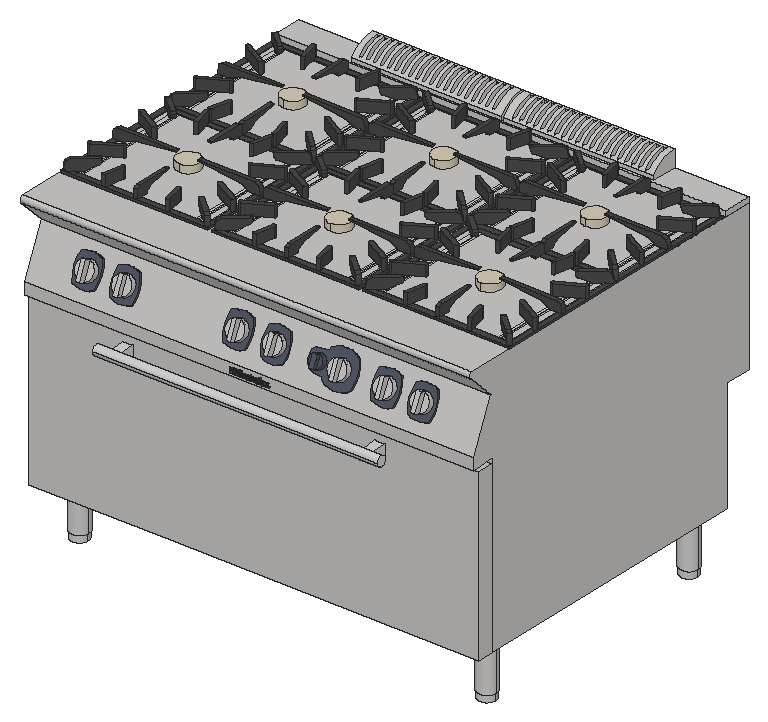
Revit family "QF_ELECTROLUXPROFESSIONAL_391016_E9GCGL6CLM", category Specialty Equipment, Revit 2018
Family settings
  Round Connector Dimension = Use Diameter
  Part Type = Normal
  Work Plane-Based = No
  Always vertical = Yes
  Cut with Voids When Loaded = No
  Shared = No
  Room Calculation Point = No
Parameters
  Width = 1200 mm
  Weight in Pounds = 200  # constant formula
  Watts = 0 W
  URL Cutsheet = "www.electrolux.com"
  URL = "www.electrolux.com"
  Type Mark [instance] = ""
  Status [instance] = ""
  Specification by User [instance] = ""
  Specification by Manufacturer = ""
  Show Logo [instance] = yes
  Show Clearance [instance] = yes
  Serial Number = ""
  Seismic Rating = ""
  SMACNA No = ""
  Revision Code [instance] = ""
  Omniclass Number and Title = ""
  NAFEM Spec ID Number = ""
  Model = "391016"
  Mechanical Remarks [instance] = ""
  Mechanical Connection Type [instance] = ""
  Masterspec = ""
  Manufacturer = "ELECTROLUX"
  Item Number [instance] = ""
  Installed By [instance] = ""
  Identify Quantity as Lot [instance] = yes
  Height = 909 mm
  HP = "0 HP"
  Gas Size = 12.7 mm  # 1/2"
  Gas RI Height [instance] = 0 mm
  Gas KW [instance] = 72  # constant formula
  Gas Input [instance] = 245448.0 Btu/h
  Gas Connection Height = 0 mm
  Furnished By [instance] = ""
  Foodservice Equipment Identifier [instance] = yes
  Direct Waste Size = 0"
  Description = "900XP 6 GAS BURNERS 10kW ON LARGE GAS OVEN"
  Depth = 930 mm
  CSI MasterFormat = ""
  CSI Master Format = ""
  Assembly Code = ""
Reference planes
  plane 1 "BACK": y = 0
  plane 2: z = 0
  plane 3 "LEFT": x = 0
  plane 4 "RIGHT": x = 1200
  plane 5 "FRONT": y = -700
  plane 6 "TOP": z = 909
  plane 7 "Center Y": x = 600
  plane 8 "Center X": y = -350
  plane 9 "Base": z = 150
  plane 10: z = 850.9
  plane 11: y = -930
  plane 12: y = -1109
  plane 13: y = -128
  plane 14: y = -802
  plane 15: y = -1310
  plane 16: y = -666
  plane 17: x = 56
  plane 18: x = 1144
Forms (mm)
  Extrusion 1, solid, material "QF_Finishes_Stainless Steel"
    sketch origin (0, 0, 0) x (0, 1, 0) y (0, 0, 1)
      loop
        line (0, 450) -> (0, 850.9) -> (-921.37, 850.9)
        arc (-921.37, 850.9) -> (-929.343, 845.573) -> (-927.472, 836.168) r 8.63
        line (-927.472, 836.168) -> (-858.266, 766.833) -> (-915.833, 641.476) -> (-915.833, 610.179) -> (-855.839, 614.875)
        arc (-855.839, 614.875) -> (-853.314, 614.127) -> (-852.222, 611.731) r 3.175
        line (-852.222, 611.731) -> (-852.222, 150) -> (-71, 150) -> (-71, 450) -> (0, 450)
    from 0 to 1200
  Extrusion 2, solid, material "QF_Finishes_Stainless Steel"
    sketch origin (0, -852.222, 611.731) x (0, 0, -1) y (1, 0, 0)
      loop
        line (461.731, 363.774) -> (461.731, 1200) -> (9.61, 1200) -> (9.61, 378.321) -> (9.61, 0) -> (461.731, 0) -> (461.731, 363.774)
    from 3.175 to 47.778
  Extrusion 3, solid, material "QF_Finishes_Stainless Steel"
    sketch origin (0, 0, 0) x (0, -1, 0) y (0, 0, 1)
      loop
        line (0, 850.9) -> (76.2, 850.9) -> (76.2, 865.188) -> (0, 865.188) -> (0, 850.9)
    from 0 to -1200
  Extrusion 4, solid, material "QF_Finishes_Stainless Steel"
    sketch origin (0, -852.222, 150) x (1, 0, 0) y (0, -1, 0)
      loop
        circle (1148, -186.222) r 6.4
    from 0 to 21
  Extrusion 5, solid, material "QF_Door-Drawer Clearances", visible <- "Show Clearance", detail levels coarse
    sketch origin (0, -200, 0) x (0, 1, 0) y (0, 0, 1)
      loop
        line (-1110, 150) -> (-700, 150) -> (-700, 602.41)
        arc (-700, 602.41) -> (-992.25, 455.276) -> (-1110, 150) r 454.603
    from 0 to 1200
  Extrusion 6, solid, material "QF_Clearances", visible <- "Show Clearance", detail levels coarse
    sketch origin (0, -200, 0) x (1, 0, 0) y (0, 1, 0)
      loop
        line (-100, -730) -> (0, -730) -> (0, 200) -> (1200, 200) -> (1200, -730) -> (1300, -730) -> (1300, 300) -> (-100, 300) -> (-100, -730)
    from 0 to 908.85
  Extrusion 7, solid, material "QF_Finishes_Handrails and Railings"
    sketch origin (200, -200, 0) x (0, 1, 0) y (0, 0, 1)
      loop
        line (-700, 580.001) -> (-738.549, 577.296)
        arc (-738.549, 577.296) -> (-739.742, 563.489) -> (-752.852, 558.993) r 12.7
        arc (-752.852, 558.993) -> (-752.311, 558.176) -> (-751.712, 557.401) r 13.441
        arc (-751.712, 557.401) -> (-749.907, 555.955) -> (-747.68, 555.335) r 5.77
        line (-747.68, 555.335) -> (-700, 551.992) -> (-700, 580.001)
    from 50.8 to 76.2
  Extrusion 8, solid, material "QF_Finishes_Handrails and Railings"
    sketch origin (1000, -200, 0) x (0, 1, 0) y (0, 0, -1)
      loop
        line (-700, -580.001) -> (-700, -551.992) -> (-747.68, -555.335)
        arc (-747.68, -555.335) -> (-749.907, -555.955) -> (-751.712, -557.401) r 5.77
        arc (-751.712, -557.401) -> (-752.311, -558.176) -> (-752.852, -558.993) r 13.441
        arc (-752.852, -558.993) -> (-739.742, -563.489) -> (-738.549, -577.296) r 12.7
        line (-738.549, -577.296) -> (-700, -580.001)
    from 50.8 to 76.2
  Extrusion 9, solid, material "QF_Finishes_Handrails and Railings"
    sketch origin (200, -200, 0) x (0, 1, 0) y (0, 0, 1)
      loop
        circle (-749.749, 571.309) r 12.7
    from 19.875 to 780.125
  Extrusion 10, solid, material "QF_Finishes_Navy Blue"
    sketch origin (405.244, -913.772, 646.186) x (0, 0.418102, 0.9084) y (-1, 0, 0)
      loop
        arc (102.623, -510.47) -> (67.041, -502.846) -> (31.333, -509.853) r 90.5
        arc (31.333, -509.853) -> (24.507, -539.04) -> (31.333, -568.228) r 65.817
        arc (31.333, -568.228) -> (67.04, -575.188) -> (102.623, -567.615) r 91.066
        arc (102.623, -567.615) -> (109.179, -539.043) -> (102.623, -510.47) r 65.546
    from 0 to 3.175
  Extrusion 11, solid, material "QF_Finishes_Stainless Steel"
    sketch origin (783.994, -917.485, 645.711) x (0, 0.418102, 0.9084) y (-1, 0, 0)
      loop
        circle (68.826, -160.963) r 25.4
    from 0 to 12.7
  Extrusion 12, solid, material "QF_Finishes_Stainless Steel"
    sketch origin (783.994, -929.022, 651.021) x (0, 0.418102, 0.9084) y (-1, 0, 0)
      loop
        arc (93.558, -166.749) -> (94.226, -160.963) -> (93.558, -155.177) r 25.4
        line (93.558, -155.177) -> (44.094, -155.177)
        arc (44.094, -155.177) -> (43.426, -160.963) -> (44.094, -166.749) r 25.4
        line (44.094, -166.749) -> (93.558, -166.749)
    from 0 to 12.7
  Extrusion 13, solid, material "QF_Finishes_Navy Blue"
    sketch origin (282.787, -913.772, 646.186) x (0, 0.418102, 0.9084) y (-1, 0, 0)
      loop
        arc (104.355, -502.587) -> (101.326, -501.258) -> (98.25, -500.039) r 91.066
        arc (98.25, -500.039) -> (96.592, -482.449) -> (93.213, -465.107) r 179.528
        arc (93.213, -465.107) -> (69.244, -452.795) -> (45.274, -465.107) r 29.489
        arc (45.274, -465.107) -> (38.909, -481.441) -> (37.449, -498.912) r 61.044
        arc (37.449, -498.912) -> (34.471, -499.962) -> (31.532, -501.116) r 91.066
        arc (31.532, -501.116) -> (19.517, -540.223) -> (32.929, -578.873) r 65.817
        arc (32.929, -578.873) -> (68.105, -585.173) -> (102.996, -577.452) r 91.066
        arc (102.996, -577.452) -> (115.418, -540.233) -> (104.355, -502.587) r 65.546
    from 0 to 3.175
  Extrusion 14, solid, material "QF_Finishes_Stainless Steel"
    sketch origin (661.537, -917.485, 645.711) x (0, 0.418102, 0.9084) y (-1, 0, 0)
      loop
        circle (68.826, -160.963) r 25.4
    from 0 to 12.7
  Extrusion 15, solid, material "QF_Finishes_Stainless Steel"
    sketch origin (661.537, -929.022, 651.021) x (0, 0.418102, 0.9084) y (-1, 0, 0)
      loop
        arc (93.558, -166.749) -> (94.226, -160.963) -> (93.558, -155.177) r 25.4
        line (93.558, -155.177) -> (44.094, -155.177)
        arc (44.094, -155.177) -> (43.426, -160.963) -> (44.094, -166.749) r 25.4
        line (44.094, -166.749) -> (93.558, -166.749)
    from 0 to 12.7
  Extrusion 16, solid, material "QF_Finishes_Navy Blue"
    sketch origin (604.037, -917.485, 645.711) x (0, 0.418102, 0.9084) y (-1, 0, 0)
      loop
        circle (68.826, -160.963) r 18.37
    from 0 to 12.7
  Extrusion 17, solid, material "QF_Finishes_Navy Blue"
    sketch origin (602.746, -929.022, 651.021) x (0, 0.418102, 0.9084) y (-1, 0, 0)
      loop
        arc (84.808, -167.687) -> (85.476, -161.901) -> (84.808, -156.114) r 25.4
        line (84.808, -156.114) -> (52.844, -156.114)
        arc (52.844, -156.114) -> (52.176, -161.901) -> (52.844, -167.687) r 25.4
        line (52.844, -167.687) -> (84.808, -167.687)
    from 0 to 8.112
  Extrusion 18, solid, material "QF_Finishes_Navy Blue"
    sketch origin (-392.256, -913.772, 646.186) x (0, 0.418102, 0.9084) y (-1, 0, 0)
      loop
        arc (102.623, -510.47) -> (67.041, -502.846) -> (31.333, -509.853) r 90.5
        arc (31.333, -509.853) -> (24.507, -539.04) -> (31.333, -568.228) r 65.817
        arc (31.333, -568.228) -> (67.04, -575.188) -> (102.623, -567.615) r 91.066
        arc (102.623, -567.615) -> (109.179, -539.043) -> (102.623, -510.47) r 65.546
    from 0 to 3.175
  Extrusion 19, solid, material "QF_Finishes_Stainless Steel"
    sketch origin (-13.506, -917.485, 645.711) x (0, 0.418102, 0.9084) y (-1, 0, 0)
      loop
        circle (68.826, -160.963) r 25.4
    from 0 to 12.7
  Extrusion 20, solid, material "QF_Finishes_Stainless Steel"
    sketch origin (-13.506, -929.022, 651.021) x (0, 0.418102, 0.9084) y (-1, 0, 0)
      loop
        arc (93.558, -166.749) -> (94.226, -160.963) -> (93.558, -155.177) r 25.4
        line (93.558, -155.177) -> (44.094, -155.177)
        arc (44.094, -155.177) -> (43.426, -160.963) -> (44.094, -166.749) r 25.4
        line (44.094, -166.749) -> (93.558, -166.749)
    from 0 to 12.7
  Extrusion 21, solid, material "QF_Finishes_Navy Blue"
    sketch origin (-292.256, -913.772, 646.186) x (0, 0.418102, 0.9084) y (-1, 0, 0)
      loop
        arc (102.623, -510.47) -> (67.041, -502.846) -> (31.333, -509.853) r 90.5
        arc (31.333, -509.853) -> (24.507, -539.04) -> (31.333, -568.228) r 65.817
        arc (31.333, -568.228) -> (67.04, -575.188) -> (102.623, -567.615) r 91.066
        arc (102.623, -567.615) -> (109.179, -539.043) -> (102.623, -510.47) r 65.546
    from 0 to 3.175
  Extrusion 22, solid, material "QF_Finishes_Stainless Steel"
    sketch origin (86.494, -917.485, 645.711) x (0, 0.418102, 0.9084) y (-1, 0, 0)
      loop
        circle (68.826, -160.963) r 25.4
    from 0 to 12.7
  Extrusion 23, solid, material "QF_Finishes_Stainless Steel"
    sketch origin (86.494, -929.022, 651.021) x (0, 0.418102, 0.9084) y (-1, 0, 0)
      loop
        arc (93.558, -166.749) -> (94.226, -160.963) -> (93.558, -155.177) r 25.4
        line (93.558, -155.177) -> (44.094, -155.177)
        arc (44.094, -155.177) -> (43.426, -160.963) -> (44.094, -166.749) r 25.4
        line (44.094, -166.749) -> (93.558, -166.749)
    from 0 to 12.7
  Extrusion 24, solid, material "QF_Finishes_Stainless Steel"
    sketch origin (202.4, -200, 590.5) x (0, 1, 0) y (0, 0, 1)
      loop
        line (200, 274.688) -> (200, 318.5)
        arc (200, 318.5) -> (160.905, 309.851) -> (130.15, 284.212) r 84.706
        line (130.15, 284.212) -> (130.15, 274.688) -> (200, 274.688)
    from 400 to 800
  Extrusion 25, solid, material "QF_Finishes_Navy Blue"
    sketch origin (502.744, -913.772, 646.186) x (0, 0.418102, 0.9084) y (-1, 0, 0)
      loop
        arc (102.623, -510.47) -> (67.041, -502.846) -> (31.333, -509.853) r 90.5
        arc (31.333, -509.853) -> (24.507, -539.04) -> (31.333, -568.228) r 65.817
        arc (31.333, -568.228) -> (67.04, -575.188) -> (102.623, -567.615) r 91.066
        arc (102.623, -567.615) -> (109.179, -539.043) -> (102.623, -510.47) r 65.546
    from 0 to 3.175
  Extrusion 26, solid, material "QF_Finishes_Stainless Steel"
    sketch origin (881.494, -917.485, 645.711) x (0, 0.418102, 0.9084) y (-1, 0, 0)
      loop
        circle (68.826, -160.963) r 25.4
    from 0 to 12.7
  Extrusion 27, solid, material "QF_Finishes_Stainless Steel"
    sketch origin (881.494, -929.022, 651.021) x (0, 0.418102, 0.9084) y (-1, 0, 0)
      loop
        arc (93.558, -166.749) -> (94.226, -160.963) -> (93.558, -155.177) r 25.4
        line (93.558, -155.177) -> (44.094, -155.177)
        arc (44.094, -155.177) -> (43.426, -160.963) -> (44.094, -166.749) r 25.4
        line (44.094, -166.749) -> (93.558, -166.749)
    from 0 to 12.7
  Extrusion 28, solid, material "QF_Finishes_Navy Blue"
    sketch origin (10.244, -913.772, 646.186) x (0, 0.418102, 0.9084) y (-1, 0, 0)
      loop
        arc (102.623, -510.47) -> (67.041, -502.846) -> (31.333, -509.853) r 90.5
        arc (31.333, -509.853) -> (24.507, -539.04) -> (31.333, -568.228) r 65.817
        arc (31.333, -568.228) -> (67.04, -575.188) -> (102.623, -567.615) r 91.066
        arc (102.623, -567.615) -> (109.179, -539.043) -> (102.623, -510.47) r 65.546
    from 0 to 3.175
  Extrusion 29, solid, material "QF_Finishes_Stainless Steel"
    sketch origin (388.994, -917.485, 645.711) x (0, 0.418102, 0.9084) y (-1, 0, 0)
      loop
        circle (68.826, -160.963) r 25.4
    from 0 to 12.7
  Extrusion 30, solid, material "QF_Finishes_Stainless Steel"
    sketch origin (388.994, -929.022, 651.021) x (0, 0.418102, 0.9084) y (-1, 0, 0)
      loop
        arc (93.558, -166.749) -> (94.226, -160.963) -> (93.558, -155.177) r 25.4
        line (93.558, -155.177) -> (44.094, -155.177)
        arc (44.094, -155.177) -> (43.426, -160.963) -> (44.094, -166.749) r 25.4
        line (44.094, -166.749) -> (93.558, -166.749)
    from 0 to 12.7
  Extrusion 31, solid, material "QF_Finishes_Navy Blue"
    sketch origin (110.244, -913.772, 646.186) x (0, 0.418102, 0.9084) y (-1, 0, 0)
      loop
        arc (102.623, -510.47) -> (67.041, -502.846) -> (31.333, -509.853) r 90.5
        arc (31.333, -509.853) -> (24.507, -539.04) -> (31.333, -568.228) r 65.817
        arc (31.333, -568.228) -> (67.04, -575.188) -> (102.623, -567.615) r 91.066
        arc (102.623, -567.615) -> (109.179, -539.043) -> (102.623, -510.47) r 65.546
    from 0 to 3.175
  Extrusion 32, solid, material "QF_Finishes_Stainless Steel"
    sketch origin (488.994, -917.485, 645.711) x (0, 0.418102, 0.9084) y (-1, 0, 0)
      loop
        circle (68.826, -160.963) r 25.4
    from 0 to 12.7
  Extrusion 33, solid, material "QF_Finishes_Stainless Steel"
    sketch origin (488.994, -929.022, 651.021) x (0, 0.418102, 0.9084) y (-1, 0, 0)
      loop
        arc (93.558, -166.749) -> (94.226, -160.963) -> (93.558, -155.177) r 25.4
        line (93.558, -155.177) -> (44.094, -155.177)
        arc (44.094, -155.177) -> (43.426, -160.963) -> (44.094, -166.749) r 25.4
        line (44.094, -166.749) -> (93.558, -166.749)
    from 0 to 12.7
  Extrusion 34, solid, material "QF_Finishes_Navy Blue", visible <- "Show Logo"
    sketch origin (261.109, -915.962, 610.773) x (0, 0, 1) y (-1, 0, 0)
      loop
        line (20.674, -296.698) -> (8.307, -296.698)
        arc (8.307, -296.698) -> (14.491, -301.27) -> (20.674, -296.698) r 6.467
      loop
        arc (20.674, -296.069) -> (19.505, -290.926) -> (14.849, -288.448) r 6.338
        line (14.849, -288.448) -> (14.849, -290.494)
        arc (14.849, -290.494) -> (16.333, -294.149) -> (19.778, -296.069) r 5.941
        line (19.778, -296.069) -> (20.674, -296.069)
      loop
        arc (9.203, -296.069) -> (12.648, -294.149) -> (14.132, -290.494) r 5.941
        line (14.132, -290.494) -> (14.132, -288.448)
        arc (14.132, -288.448) -> (9.438, -290.922) -> (8.148, -296.069) r 6.504
        line (8.148, -296.069) -> (9.203, -296.069)
      loop
        line (21.349, -287.979) -> (7.604, -287.979) -> (7.604, -301.742) -> (21.349, -301.742) -> (21.349, -287.979)
      loop
        arc (21.432, -304.71) -> (21.085, -304.352) -> (20.718, -304.69) r 0.358
        arc (20.718, -304.69) -> (20.404, -305.44) -> (19.687, -305.825) r 1.216
        line (19.687, -305.825) -> (9.274, -305.825)
        arc (9.274, -305.825) -> (8.614, -305.548) -> (8.218, -304.951) r 1.238
        arc (8.218, -304.951) -> (7.823, -304.7) -> (7.518, -305.054) r 0.358
        line (7.518, -305.054) -> (7.518, -314.933) -> (10.269, -314.933) -> (10.269, -314.036)
        arc (10.269, -314.036) -> (9.36, -313.456) -> (8.904, -312.479) r 1.928
        line (8.904, -312.479) -> (8.904, -309.98)
        arc (8.904, -309.98) -> (9.18, -309.251) -> (9.868, -308.887) r 1.101
        line (9.868, -308.887) -> (13.955, -308.887) -> (13.955, -312.561)
        arc (13.955, -312.561) -> (13.602, -313.058) -> (13.037, -313.286) r 1.083
        arc (13.037, -313.286) -> (12.773, -313.591) -> (13.065, -313.869) r 0.292
        line (13.065, -313.869) -> (16.028, -313.869)
        arc (16.028, -313.869) -> (16.33, -313.596) -> (16.092, -313.266) r 0.305
        arc (16.092, -313.266) -> (15.601, -313.018) -> (15.296, -312.561) r 1.083
        line (15.296, -312.561) -> (15.296, -308.887) -> (19.973, -308.887) -> (19.973, -312.635)
        arc (19.973, -312.635) -> (19.759, -313.39) -> (19.153, -313.888) r 1.314
        arc (19.153, -313.888) -> (18.934, -314.292) -> (19.288, -314.585) r 0.361
        line (19.288, -314.585) -> (21.432, -314.585) -> (21.432, -304.71)
      loop
        arc (20.715, -315.365) -> (20.335, -316.284) -> (19.416, -316.664) r 1.299
        line (19.416, -316.664) -> (9.837, -316.664)
        arc (9.837, -316.664) -> (8.999, -316.286) -> (8.728, -315.408) r 1.118
        line (8.728, -315.408) -> (7.518, -315.408) -> (7.518, -320.758) -> (8.706, -320.758)
        arc (8.706, -320.758) -> (8.978, -319.841) -> (9.848, -319.445) r 1.153
        line (9.848, -319.445) -> (21.92, -319.445) -> (20.715, -315.365)
      loop
        line (12.483, -323.394) -> (12.483, -329.842) -> (13.282, -329.842)
        arc (13.282, -329.842) -> (15.862, -328.857) -> (17.131, -326.404) r 3.874
        line (17.131, -326.404) -> (17.131, -324.643)
        arc (17.131, -324.643) -> (15.944, -321.778) -> (13.08, -320.592) r 4.051
        line (13.08, -320.592) -> (11.072, -320.592)
        arc (11.072, -320.592) -> (8.253, -322.077) -> (7.202, -325.084) r 4.352
        arc (7.202, -325.084) -> (7.566, -327.547) -> (8.943, -329.621) r 5.713
        line (8.943, -329.621) -> (9.892, -329.621)
        arc (9.892, -329.621) -> (9.16, -328.052) -> (8.943, -326.334) r 5.579
        arc (8.943, -326.334) -> (9.737, -324.371) -> (11.616, -323.394) r 3.057
        line (11.616, -323.394) -> (12.483, -323.394)
      loop
        line (13.742, -323.394) -> (13.742, -326.977)
        arc (13.742, -326.977) -> (15.199, -327.024) -> (16.082, -325.864) r 1.59
        line (16.082, -325.864) -> (16.082, -325.034)
        arc (16.082, -325.034) -> (15.217, -323.779) -> (13.742, -323.394) r 2.184
      loop
        arc (16.533, -339.259) -> (17.022, -337.585) -> (17.179, -335.848) r 9.023
        line (17.179, -335.848) -> (17.179, -334.486)
        arc (17.179, -334.486) -> (16.02, -331.686) -> (13.22, -330.527) r 3.959
        line (13.22, -330.527) -> (10.62, -330.527)
        arc (10.62, -330.527) -> (8.338, -331.819) -> (7.221, -334.192) r 4.331
        line (7.221, -334.192) -> (7.221, -336.327)
        arc (7.221, -336.327) -> (7.729, -337.877) -> (8.651, -339.223) r 5.772
        arc (8.651, -339.223) -> (9.412, -339.274) -> (9.499, -338.515) r 0.553
        arc (9.499, -338.515) -> (9.111, -337.781) -> (8.977, -336.962) r 2.573
        line (8.977, -336.962) -> (8.977, -335.447)
        arc (8.977, -335.447) -> (9.983, -333.806) -> (11.798, -333.163) r 2.884
        line (11.798, -333.163) -> (13.077, -333.163)
        arc (13.077, -333.163) -> (14.898, -333.723) -> (15.824, -335.388) r 2.554
        line (15.824, -335.388) -> (15.824, -336.441)
        arc (15.824, -336.441) -> (15.493, -337.369) -> (14.836, -338.104) r 2.564
        arc (14.836, -338.104) -> (14.614, -338.821) -> (15.223, -339.259) r 0.643
        line (15.223, -339.259) -> (16.533, -339.259)
      loop
        line (15.515, -339.53) -> (15.515, -341.031) -> (9.467, -341.031)
        arc (9.467, -341.031) -> (7.879, -341.688) -> (7.221, -343.276) r 2.246
        line (7.221, -343.276) -> (7.221, -344.86)
        arc (7.221, -344.86) -> (7.535, -345.725) -> (8.035, -346.496) r 4.06
        arc (8.035, -346.496) -> (8.768, -346.629) -> (9.019, -345.928) r 0.576
        arc (9.019, -345.928) -> (8.913, -345.403) -> (8.977, -344.87) r 1.69
        arc (8.977, -344.87) -> (9.519, -344.082) -> (10.425, -343.779) r 1.506
        line (10.425, -343.779) -> (15.563, -343.779) -> (15.563, -346.176) -> (16.119, -346.733) -> (16.941, -346.733) -> (16.941, -343.873) -> (20.172, -343.873) -> (15.515, -339.53)
      loop
        line (7.438, -347.63) -> (7.438, -353.017) -> (8.548, -353.017)
        arc (8.548, -353.017) -> (8.942, -352.066) -> (9.893, -351.672) r 1.345
        line (9.893, -351.672) -> (13.509, -351.672)
        arc (13.509, -351.672) -> (14.274, -352.264) -> (14.564, -353.186) r 1.615
        line (14.564, -353.186) -> (14.564, -354.742) -> (17.119, -355.427) -> (17.119, -354.044) -> (15.177, -351.485) -> (17.057, -351.485) -> (16.773, -348.779)
        arc (16.773, -348.779) -> (16.333, -348.249) -> (15.674, -348.45) r 0.621
        arc (15.674, -348.45) -> (15.274, -348.792) -> (14.78, -348.975) r 1.501
        line (14.78, -348.975) -> (9.893, -348.975)
        arc (9.893, -348.975) -> (8.942, -348.581) -> (8.548, -347.63) r 1.345
        line (8.548, -347.63) -> (7.438, -347.63)
      loop
        line (13.54, -354.964) -> (10.848, -354.964)
        arc (10.848, -354.964) -> (8.403, -356.272) -> (7.269, -358.803) r 4.288
        arc (7.269, -358.803) -> (7.205, -360.183) -> (7.269, -361.563) r 15.022
        arc (7.269, -361.563) -> (8.403, -364.094) -> (10.848, -365.401) r 4.288
        line (10.848, -365.401) -> (13.54, -365.401)
        arc (13.54, -365.401) -> (15.986, -364.094) -> (17.119, -361.563) r 4.288
        arc (17.119, -361.563) -> (17.183, -360.183) -> (17.119, -358.803) r 15.022
        arc (17.119, -358.803) -> (15.986, -356.272) -> (13.54, -354.964) r 4.288
      loop
        line (13.745, -358.078) -> (10.643, -358.078)
        arc (10.643, -358.078) -> (8.486, -360.235) -> (10.643, -362.392) r 2.157
        line (10.643, -362.392) -> (13.745, -362.392)
        arc (13.745, -362.392) -> (15.902, -360.235) -> (13.745, -358.078) r 2.157
      loop
        arc (20.726, -365.26) -> (20.355, -366.154) -> (19.461, -366.524) r 1.264
        line (19.461, -366.524) -> (9.597, -366.524)
        arc (9.597, -366.524) -> (8.727, -366.127) -> (8.455, -365.211) r 1.153
        line (8.455, -365.211) -> (7.518, -365.211) -> (7.518, -370.319) -> (8.446, -370.319)
        arc (8.446, -370.319) -> (8.805, -369.547) -> (9.597, -369.232) r 1.153
        line (9.597, -369.232) -> (21.92, -369.232) -> (20.726, -365.26)
      loop
        arc (15.846, -369.857) -> (15.647, -370.921) -> (14.678, -371.403) r 1.215
        line (14.678, -371.403) -> (9.658, -371.403)
        arc (9.658, -371.403) -> (8.043, -372.051) -> (7.322, -373.634) r 2.338
        line (7.322, -373.634) -> (7.322, -375.148)
        arc (7.322, -375.148) -> (7.497, -376.152) -> (7.999, -377.038) r 2.979
        line (7.999, -377.038) -> (7.518, -378.835) -> (7.518, -380.524) -> (16.943, -380.524) -> (16.649, -376.32) -> (15.863, -376.32)
        arc (15.863, -376.32) -> (15.507, -377.156) -> (14.755, -377.665) r 1.605
        line (14.755, -377.665) -> (9.652, -377.665)
        arc (9.652, -377.665) -> (9.232, -376.728) -> (9.159, -375.704) r 2.94
        arc (9.159, -375.704) -> (9.72, -374.603) -> (10.873, -374.16) r 1.724
        line (10.873, -374.16) -> (17.07, -374.16) -> (15.846, -369.857)
      loop
        line (16.874, -381.377) -> (15.202, -383.423) -> (12.028, -385.729) -> (8.572, -382.617)
        arc (8.572, -382.617) -> (8.335, -382.223) -> (8.357, -381.764) r 0.789
        line (8.357, -381.764) -> (7.518, -381.764) -> (7.518, -385.309) -> (8.344, -385.309)
        arc (8.344, -385.309) -> (8.686, -384.947) -> (9.176, -385.039) r 0.52
        line (9.176, -385.039) -> (10.976, -386.51) -> (8.858, -387.886)
        arc (8.858, -387.886) -> (8.457, -387.576) -> (8.37, -387.076) r 0.7
        line (8.37, -387.076) -> (7.518, -387.076) -> (7.518, -393.003) -> (8.405, -393.003)
        arc (8.405, -393.003) -> (8.472, -392.344) -> (8.866, -391.813) r 1.247
        line (8.866, -391.813) -> (13.066, -388.532) -> (15.513, -390.585) -> (16.874, -392.327) -> (16.874, -388.604) -> (15.389, -389.026) -> (13.868, -387.749) -> (15.568, -386.559) -> (16.874, -387.336) -> (16.874, -381.377)
    from 0 to 1.644
  Revolve 35, solid, material "QF_Finishes_Stainless Steel"
    sketch origin (799, -128, 0) x (-1, 0, 0) y (0, 0, -1)
      loop
        line (-345, 0) -> (-367.9, 0) -> (-367.9, -19.05) -> (-370.4, -19.05) -> (-370.4, -150) -> (-345, -150) -> (-345, 0)
      axis (-345, 0) -> (-345, -150)
    angle from 0 to 360
  Revolve 36, solid, material "QF_Finishes_Stainless Steel"
    sketch origin (799, -802, 0) x (-1, 0, 0) y (0, 0, -1)
      loop
        line (-345, 0) -> (-367.9, 0) -> (-367.9, -19.05) -> (-370.4, -19.05) -> (-370.4, -150) -> (-345, -150) -> (-345, 0)
      axis (-345, 0) -> (-345, -150)
    angle from 0 to 360
  Extrusion 37, solid, material "QF_Finishes_Stainless Steel"
    sketch origin (0, -852.222, 150) x (1, 0, 0) y (0, -1, 0)
      loop
        circle (1157, -276.222) r 12.7
    from 0 to 5
  Extrusion 38, void
    sketch origin (-62.611, 0, 865.138) x (-1, 0, 0) y (0, -1, 0)
      loop
        line (-695.005, 6.761) -> (-685.709, 6.761) -> (-685.709, 63.911) -> (-695.005, 63.911) -> (-695.005, 6.761)
      loop
        line (-713.697, 6.761) -> (-704.401, 6.761) -> (-704.401, 63.911) -> (-713.697, 63.911) -> (-713.697, 6.761)
      loop
        line (-732.39, 6.761) -> (-723.094, 6.761) -> (-723.094, 63.911) -> (-732.39, 63.911) -> (-732.39, 6.761)
      loop
        line (-751.082, 6.761) -> (-741.787, 6.761) -> (-741.787, 63.911) -> (-751.082, 63.911) -> (-751.082, 6.761)
      loop
        line (-769.775, 6.761) -> (-760.479, 6.761) -> (-760.479, 63.911) -> (-769.775, 63.911) -> (-769.775, 6.761)
      loop
        line (-788.468, 6.761) -> (-779.172, 6.761) -> (-779.172, 63.911) -> (-788.468, 63.911) -> (-788.468, 6.761)
      loop
        line (-807.16, 6.761) -> (-797.864, 6.761) -> (-797.864, 63.911) -> (-807.16, 63.911) -> (-807.16, 6.761)
      loop
        line (-825.853, 6.761) -> (-816.557, 6.761) -> (-816.557, 63.911) -> (-825.853, 63.911) -> (-825.853, 6.761)
      loop
        line (-844.545, 6.761) -> (-835.25, 6.761) -> (-835.25, 63.911) -> (-844.545, 63.911) -> (-844.545, 6.761)
      loop
        line (-863.238, 6.761) -> (-853.942, 6.761) -> (-853.942, 63.911) -> (-863.238, 63.911) -> (-863.238, 6.761)
      loop
        line (-881.931, 6.761) -> (-872.635, 6.761) -> (-872.635, 63.911) -> (-881.931, 63.911) -> (-881.931, 6.761)
      loop
        line (-900.623, 6.761) -> (-891.328, 6.761) -> (-891.328, 63.911) -> (-900.623, 63.911) -> (-900.623, 6.761)
      loop
        line (-919.316, 6.761) -> (-910.02, 6.761) -> (-910.02, 63.911) -> (-919.316, 63.911) -> (-919.316, 6.761)
      loop
        line (-938.008, 6.761) -> (-928.713, 6.761) -> (-928.713, 63.911) -> (-938.008, 63.911) -> (-938.008, 6.761)
      loop
        line (-956.701, 6.761) -> (-947.405, 6.761) -> (-947.405, 63.911) -> (-956.701, 63.911) -> (-956.701, 6.761)
      loop
        line (-975.394, 6.761) -> (-966.098, 6.761) -> (-966.098, 63.911) -> (-975.394, 63.911) -> (-975.394, 6.761)
      loop
        line (-994.086, 6.761) -> (-984.791, 6.761) -> (-984.791, 63.911) -> (-994.086, 63.911) -> (-994.086, 6.761)
      loop
        line (-1012.779, 6.761) -> (-1003.483, 6.761) -> (-1003.483, 63.911) -> (-1012.779, 63.911) -> (-1012.779, 6.761)
      loop
        line (-1031.472, 6.761) -> (-1022.176, 6.761) -> (-1022.176, 63.911) -> (-1031.472, 63.911) -> (-1031.472, 6.761)
      loop
        line (-1050.164, 6.761) -> (-1040.868, 6.761) -> (-1040.868, 63.911) -> (-1050.164, 63.911) -> (-1050.164, 6.761)
    from 9.525 to 45.348
  Revolve 39, solid, material "QF_Finishes_Stainless Steel"
    sketch origin (1, -128, 0) x (1, 0, 0) y (0, 0, 1)
      loop
        line (55, 0) -> (55, 150) -> (29.6, 150) -> (29.6, 19.05) -> (32.1, 19.05) -> (32.1, 0) -> (55, 0)
      axis (55, 0) -> (55, 150)
    angle from 0 to 360
  Revolve 40, solid, material "QF_Finishes_Stainless Steel"
    sketch origin (1, -802, 0) x (1, 0, 0) y (0, 0, 1)
      loop
        line (55, 0) -> (55, 150) -> (29.6, 150) -> (29.6, 19.05) -> (32.1, 19.05) -> (32.1, 0) -> (55, 0)
      axis (55, 0) -> (55, 150)
    angle from 0 to 360
  Extrusion 41, solid, material "QF_Finishes_Stainless Steel"
    sketch origin (997.6, -200, 590.5) x (0, 1, 0) y (0, 0, -1)
      loop
        line (200, -274.688) -> (130.15, -274.688) -> (130.15, -284.212)
        arc (130.15, -284.212) -> (160.905, -309.851) -> (200, -318.5) r 84.706
        line (200, -318.5) -> (200, -274.688)
    from 400 to 800
  Extrusion 42, void
    sketch origin (1262.611, 0, 865.138) x (1, 0, 0) y (0, 1, 0)
      loop
        line (-695.005, -6.761) -> (-695.005, -63.911) -> (-685.709, -63.911) -> (-685.709, -6.761) -> (-695.005, -6.761)
      loop
        line (-713.697, -6.761) -> (-713.697, -63.911) -> (-704.401, -63.911) -> (-704.401, -6.761) -> (-713.697, -6.761)
      loop
        line (-732.39, -6.761) -> (-732.39, -63.911) -> (-723.094, -63.911) -> (-723.094, -6.761) -> (-732.39, -6.761)
      loop
        line (-751.082, -6.761) -> (-751.082, -63.911) -> (-741.787, -63.911) -> (-741.787, -6.761) -> (-751.082, -6.761)
      loop
        line (-769.775, -6.761) -> (-769.775, -63.911) -> (-760.479, -63.911) -> (-760.479, -6.761) -> (-769.775, -6.761)
      loop
        line (-788.468, -6.761) -> (-788.468, -63.911) -> (-779.172, -63.911) -> (-779.172, -6.761) -> (-788.468, -6.761)
      loop
        line (-807.16, -6.761) -> (-807.16, -63.911) -> (-797.864, -63.911) -> (-797.864, -6.761) -> (-807.16, -6.761)
      loop
        line (-825.853, -6.761) -> (-825.853, -63.911) -> (-816.557, -63.911) -> (-816.557, -6.761) -> (-825.853, -6.761)
      loop
        line (-844.545, -6.761) -> (-844.545, -63.911) -> (-835.25, -63.911) -> (-835.25, -6.761) -> (-844.545, -6.761)
      loop
        line (-863.238, -6.761) -> (-863.238, -63.911) -> (-853.942, -63.911) -> (-853.942, -6.761) -> (-863.238, -6.761)
      loop
        line (-881.931, -6.761) -> (-881.931, -63.911) -> (-872.635, -63.911) -> (-872.635, -6.761) -> (-881.931, -6.761)
      loop
        line (-900.623, -6.761) -> (-900.623, -63.911) -> (-891.328, -63.911) -> (-891.328, -6.761) -> (-900.623, -6.761)
      loop
        line (-919.316, -6.761) -> (-919.316, -63.911) -> (-910.02, -63.911) -> (-910.02, -6.761) -> (-919.316, -6.761)
      loop
        line (-938.008, -6.761) -> (-938.008, -63.911) -> (-928.713, -63.911) -> (-928.713, -6.761) -> (-938.008, -6.761)
      loop
        line (-956.701, -6.761) -> (-956.701, -63.911) -> (-947.405, -63.911) -> (-947.405, -6.761) -> (-956.701, -6.761)
      loop
        line (-975.394, -6.761) -> (-975.394, -63.911) -> (-966.098, -63.911) -> (-966.098, -6.761) -> (-975.394, -6.761)
      loop
        line (-994.086, -6.761) -> (-994.086, -63.911) -> (-984.791, -63.911) -> (-984.791, -6.761) -> (-994.086, -6.761)
      loop
        line (-1012.779, -6.761) -> (-1012.779, -63.911) -> (-1003.483, -63.911) -> (-1003.483, -6.761) -> (-1012.779, -6.761)
      loop
        line (-1031.472, -6.761) -> (-1031.472, -63.911) -> (-1022.176, -63.911) -> (-1022.176, -6.761) -> (-1031.472, -6.761)
      loop
        line (-1050.164, -6.761) -> (-1050.164, -63.911) -> (-1040.868, -63.911) -> (-1040.868, -6.761) -> (-1050.164, -6.761)
    from 9.525 to 45.348
Cuts and joins
  Extrusion 38, Extrusion 42 cuts Extrusion 24
  Extrusion 42 cuts Extrusion 41
Lines and regions (mm)
  symbolic lines, style "QF_Door-Drawer Clearances"
    curve 1: line (0, -930, 150) -> (0, -1310, 150)
    curve 2: line (0, -1310, 150) -> (1200, -1310, 150)
    curve 3: line (1200, -1310, 150) -> (1200, -930, 150)
  symbolic lines
    curve 4: line (1200, -930, 150) -> (0, -930, 150)
    curve 5: line (0, 0, 150) -> (0, -930, 150)
    curve 6: line (1200, -930, 150) -> (1200, 0, 150)
    curve 7: line (0, 0, 150) -> (1200, 0, 150)
    curve 11: line (980.125, -962.449, 150) -> (219.875, -962.449, 150)
    curve 12: line (980.125, -937.049, 150) -> (980.125, -962.449, 150)
    curve 13: line (949.2, -938.549, 150) -> (949.2, -930, 150)
    curve 14: line (923.8, -938.549, 150) -> (923.8, -930, 150)
    curve 15: line (923.8, -938.549, 150) -> (949.2, -938.549, 150)
    curve 16: line (219.875, -937.049, 150) -> (250.8, -937.049, 150)
    curve 17: line (949.2, -937.049, 150) -> (980.125, -937.049, 150)
    curve 18: line (632.394, -6.761, 150) -> (632.394, -63.911, 150)
    curve 19: line (632.394, -63.911, 150) -> (623.098, -63.911, 150)
    curve 20: line (623.098, -63.911, 150) -> (623.098, -6.761, 150)
    curve 21: line (623.098, -6.761, 150) -> (632.394, -6.761, 150)
    curve 22: line (838.012, -6.761, 150) -> (838.012, -63.911, 150)
    curve 23: line (838.012, -63.911, 150) -> (828.717, -63.911, 150)
    curve 24: line (828.717, -63.911, 150) -> (828.717, -6.761, 150)
    curve 25: line (828.717, -6.761, 150) -> (838.012, -6.761, 150)
    curve 26: line (819.32, -6.761, 150) -> (819.32, -63.911, 150)
    curve 27: line (819.32, -63.911, 150) -> (810.024, -63.911, 150)
    curve 28: line (810.024, -63.911, 150) -> (810.024, -6.761, 150)
    curve 29: line (810.024, -6.761, 150) -> (819.32, -6.761, 150)
    curve 30: line (800.627, -6.761, 150) -> (800.627, -63.911, 150)
    curve 31: line (800.627, -63.911, 150) -> (791.331, -63.911, 150)
    curve 32: line (791.331, -63.911, 150) -> (791.331, -6.761, 150)
    curve 33: line (791.331, -6.761, 150) -> (800.627, -6.761, 150)
    curve 34: line (781.934, -6.761, 150) -> (781.934, -63.911, 150)
    curve 35: line (781.934, -63.911, 150) -> (772.639, -63.911, 150)
    curve 36: line (772.639, -63.911, 150) -> (772.639, -6.761, 150)
    curve 37: line (772.639, -6.761, 150) -> (781.934, -6.761, 150)
    curve 38: line (763.242, -6.761, 150) -> (763.242, -63.911, 150)
    curve 39: line (763.242, -63.911, 150) -> (753.946, -63.911, 150)
    curve 40: line (753.946, -63.911, 150) -> (753.946, -6.761, 150)
    curve 41: line (753.946, -6.761, 150) -> (763.242, -6.761, 150)
    curve 42: line (744.549, -6.761, 150) -> (744.549, -63.911, 150)
    curve 43: line (744.549, -63.911, 150) -> (735.253, -63.911, 150)
    curve 44: line (735.253, -63.911, 150) -> (735.253, -6.761, 150)
    curve 45: line (735.253, -6.761, 150) -> (744.549, -6.761, 150)
    curve 46: line (725.857, -6.761, 150) -> (725.857, -63.911, 150)
    curve 47: line (725.857, -63.911, 150) -> (716.561, -63.911, 150)
    curve 48: line (716.561, -63.911, 150) -> (716.561, -6.761, 150)
    curve 49: line (716.561, -6.761, 150) -> (725.857, -6.761, 150)
    curve 50: line (707.164, -6.761, 150) -> (707.164, -63.911, 150)
    curve 51: line (707.164, -63.911, 150) -> (697.868, -63.911, 150)
    curve 52: line (697.868, -63.911, 150) -> (697.868, -6.761, 150)
    curve 53: line (697.868, -6.761, 150) -> (707.164, -6.761, 150)
    curve 54: line (688.471, -6.761, 150) -> (688.471, -63.911, 150)
    curve 55: line (688.471, -63.911, 150) -> (679.176, -63.911, 150)
    curve 56: line (679.176, -63.911, 150) -> (679.176, -6.761, 150)
    curve 57: line (679.176, -6.761, 150) -> (688.471, -6.761, 150)
    curve 58: line (669.779, -6.761, 150) -> (669.779, -63.911, 150)
    curve 59: line (669.779, -63.911, 150) -> (660.483, -63.911, 150)
    curve 60: line (660.483, -63.911, 150) -> (660.483, -6.761, 150)
    curve 61: line (660.483, -6.761, 150) -> (669.779, -6.761, 150)
    curve 62: line (651.086, -6.761, 150) -> (651.086, -63.911, 150)
    curve 63: line (651.086, -63.911, 150) -> (641.79, -63.911, 150)
    curve 64: line (641.79, -63.911, 150) -> (641.79, -6.761, 150)
    curve 65: line (641.79, -6.761, 150) -> (651.086, -6.761, 150)
    curve 66: line (987.553, -6.761, 150) -> (987.553, -63.911, 150)
    curve 67: line (987.553, -63.911, 150) -> (978.257, -63.911, 150)
    curve 68: line (978.257, -63.911, 150) -> (978.257, -6.761, 150)
    curve 69: line (978.257, -6.761, 150) -> (987.553, -6.761, 150)
    curve 70: line (968.861, -6.761, 150) -> (968.861, -63.911, 150)
    curve 71: line (968.861, -63.911, 150) -> (959.565, -63.911, 150)
    curve 72: line (959.565, -63.911, 150) -> (959.565, -6.761, 150)
    curve 73: line (959.565, -6.761, 150) -> (968.861, -6.761, 150)
    curve 74: line (950.168, -6.761, 150) -> (950.168, -63.911, 150)
    curve 75: line (950.168, -63.911, 150) -> (940.872, -63.911, 150)
    curve 76: line (940.872, -63.911, 150) -> (940.872, -6.761, 150)
    curve 77: line (940.872, -6.761, 150) -> (950.168, -6.761, 150)
    curve 78: line (931.475, -6.761, 150) -> (931.475, -63.911, 150)
    curve 79: line (931.475, -63.911, 150) -> (922.18, -63.911, 150)
    curve 80: line (922.18, -63.911, 150) -> (922.18, -6.761, 150)
    curve 81: line (922.18, -6.761, 150) -> (931.475, -6.761, 150)
    curve 82: line (912.783, -6.761, 150) -> (912.783, -63.911, 150)
    curve 83: line (912.783, -63.911, 150) -> (903.487, -63.911, 150)
    curve 84: line (903.487, -63.911, 150) -> (903.487, -6.761, 150)
    curve 85: line (903.487, -6.761, 150) -> (912.783, -6.761, 150)
    curve 86: line (894.09, -6.761, 150) -> (894.09, -63.911, 150)
    curve 87: line (894.09, -63.911, 150) -> (884.794, -63.911, 150)
    curve 88: line (884.794, -63.911, 150) -> (884.794, -6.761, 150)
    curve 89: line (884.794, -6.761, 150) -> (894.09, -6.761, 150)
    curve 90: line (875.397, -6.761, 150) -> (875.397, -63.911, 150)
    curve 91: line (875.397, -63.911, 150) -> (866.102, -63.911, 150)
    curve 92: line (866.102, -63.911, 150) -> (866.102, -6.761, 150)
    curve 93: line (866.102, -6.761, 150) -> (875.397, -6.761, 150)
    curve 94: line (856.705, -6.761, 150) -> (856.705, -63.911, 150)
    curve 95: line (856.705, -63.911, 150) -> (847.409, -63.911, 150)
    curve 96: line (847.409, -63.911, 150) -> (847.409, -6.761, 150)
    curve 97: line (847.409, -6.761, 150) -> (856.705, -6.761, 150)
    curve 98: line (1002.4, -69.85, 150) -> (1002.4, 0, 150)
    curve 99: line (602.4, -69.85, 150) -> (602.4, 0, 150)
    curve 100: line (250.8, -938.549, 150) -> (250.8, -930, 150)
    curve 101: line (276.2, -930, 150) -> (276.2, -938.549, 150)
    curve 102: line (219.875, -937.049, 150) -> (250.8, -937.049, 150)
    curve 103: line (219.875, -962.449, 150) -> (219.875, -937.049, 150)
    curve 104: line (250.8, -938.549, 150) -> (276.2, -938.549, 150)
    curve 105: line (276.2, -937.049, 150) -> (923.8, -937.049, 150)
    curve 106: line (602.4, -69.85, 0) -> (1002.4, -69.85, 0)
    curve 107: line (0, -76.2, 0) -> (1200, -76.2, 0)
    curve 108: line (567.606, -6.761, 150) -> (567.606, -63.911, 150)
    curve 109: line (567.606, -63.911, 150) -> (576.902, -63.911, 150)
    curve 110: line (576.902, -63.911, 150) -> (576.902, -6.761, 150)
    curve 111: line (576.902, -6.761, 150) -> (567.606, -6.761, 150)
    curve 112: line (361.988, -6.761, 150) -> (361.988, -63.911, 150)
    curve 113: line (361.988, -63.911, 150) -> (371.283, -63.911, 150)
    curve 114: line (371.283, -63.911, 150) -> (371.283, -6.761, 150)
    curve 115: line (371.283, -6.761, 150) -> (361.988, -6.761, 150)
    curve 116: line (380.68, -6.761, 150) -> (380.68, -63.911, 150)
    curve 117: line (380.68, -63.911, 150) -> (389.976, -63.911, 150)
    curve 118: line (389.976, -63.911, 150) -> (389.976, -6.761, 150)
    curve 119: line (389.976, -6.761, 150) -> (380.68, -6.761, 150)
    curve 120: line (399.373, -6.761, 150) -> (399.373, -63.911, 150)
    curve 121: line (399.373, -63.911, 150) -> (408.669, -63.911, 150)
    curve 122: line (408.669, -63.911, 150) -> (408.669, -6.761, 150)
    curve 123: line (408.669, -6.761, 150) -> (399.373, -6.761, 150)
    curve 124: line (418.066, -6.761, 150) -> (418.066, -63.911, 150)
    curve 125: line (418.066, -63.911, 150) -> (427.361, -63.911, 150)
    curve 126: line (427.361, -63.911, 150) -> (427.361, -6.761, 150)
    curve 127: line (427.361, -6.761, 150) -> (418.066, -6.761, 150)
    curve 128: line (436.758, -6.761, 150) -> (436.758, -63.911, 150)
    curve 129: line (436.758, -63.911, 150) -> (446.054, -63.911, 150)
    curve 130: line (446.054, -63.911, 150) -> (446.054, -6.761, 150)
    curve 131: line (446.054, -6.761, 150) -> (436.758, -6.761, 150)
    curve 132: line (455.451, -6.761, 150) -> (455.451, -63.911, 150)
    curve 133: line (455.451, -63.911, 150) -> (464.747, -63.911, 150)
    curve 134: line (464.747, -63.911, 150) -> (464.747, -6.761, 150)
    curve 135: line (464.747, -6.761, 150) -> (455.451, -6.761, 150)
    curve 136: line (474.143, -6.761, 150) -> (474.143, -63.911, 150)
    curve 137: line (474.143, -63.911, 150) -> (483.439, -63.911, 150)
    curve 138: line (483.439, -63.911, 150) -> (483.439, -6.761, 150)
    curve 139: line (483.439, -6.761, 150) -> (474.143, -6.761, 150)
    curve 140: line (492.836, -6.761, 150) -> (492.836, -63.911, 150)
    curve 141: line (492.836, -63.911, 150) -> (502.132, -63.911, 150)
    curve 142: line (502.132, -63.911, 150) -> (502.132, -6.761, 150)
    curve 143: line (502.132, -6.761, 150) -> (492.836, -6.761, 150)
    curve 144: line (511.529, -6.761, 150) -> (511.529, -63.911, 150)
    curve 145: line (511.529, -63.911, 150) -> (520.824, -63.911, 150)
    curve 146: line (520.824, -63.911, 150) -> (520.824, -6.761, 150)
    curve 147: line (520.824, -6.761, 150) -> (511.529, -6.761, 150)
    curve 148: line (530.221, -6.761, 150) -> (530.221, -63.911, 150)
    curve 149: line (530.221, -63.911, 150) -> (539.517, -63.911, 150)
    curve 150: line (539.517, -63.911, 150) -> (539.517, -6.761, 150)
    curve 151: line (539.517, -6.761, 150) -> (530.221, -6.761, 150)
    curve 152: line (548.914, -6.761, 150) -> (548.914, -63.911, 150)
    curve 153: line (548.914, -63.911, 150) -> (558.21, -63.911, 150)
    curve 154: line (558.21, -63.911, 150) -> (558.21, -6.761, 150)
    curve 155: line (558.21, -6.761, 150) -> (548.914, -6.761, 150)
    curve 156: line (212.447, -6.761, 150) -> (212.447, -63.911, 150)
    curve 157: line (212.447, -63.911, 150) -> (221.743, -63.911, 150)
    curve 158: line (221.743, -63.911, 150) -> (221.743, -6.761, 150)
    curve 159: line (221.743, -6.761, 150) -> (212.447, -6.761, 150)
    curve 160: line (231.139, -6.761, 150) -> (231.139, -63.911, 150)
    curve 161: line (231.139, -63.911, 150) -> (240.435, -63.911, 150)
    curve 162: line (240.435, -63.911, 150) -> (240.435, -6.761, 150)
    curve 163: line (240.435, -6.761, 150) -> (231.139, -6.761, 150)
    curve 164: line (249.832, -6.761, 150) -> (249.832, -63.911, 150)
    curve 165: line (249.832, -63.911, 150) -> (259.128, -63.911, 150)
    curve 166: line (259.128, -63.911, 150) -> (259.128, -6.761, 150)
    curve 167: line (259.128, -6.761, 150) -> (249.832, -6.761, 150)
    curve 168: line (268.525, -6.761, 150) -> (268.525, -63.911, 150)
    curve 169: line (268.525, -63.911, 150) -> (277.82, -63.911, 150)
    curve 170: line (277.82, -63.911, 150) -> (277.82, -6.761, 150)
    curve 171: line (277.82, -6.761, 150) -> (268.525, -6.761, 150)
    curve 172: line (287.217, -6.761, 150) -> (287.217, -63.911, 150)
    curve 173: line (287.217, -63.911, 150) -> (296.513, -63.911, 150)
    curve 174: line (296.513, -63.911, 150) -> (296.513, -6.761, 150)
    curve 175: line (296.513, -6.761, 150) -> (287.217, -6.761, 150)
    curve 176: line (305.91, -6.761, 150) -> (305.91, -63.911, 150)
    curve 177: line (305.91, -63.911, 150) -> (315.206, -63.911, 150)
    curve 178: line (315.206, -63.911, 150) -> (315.206, -6.761, 150)
    curve 179: line (315.206, -6.761, 150) -> (305.91, -6.761, 150)
    curve 180: line (324.603, -6.761, 150) -> (324.603, -63.911, 150)
    curve 181: line (324.603, -63.911, 150) -> (333.898, -63.911, 150)
    curve 182: line (333.898, -63.911, 150) -> (333.898, -6.761, 150)
    curve 183: line (333.898, -6.761, 150) -> (324.603, -6.761, 150)
    curve 184: line (343.295, -6.761, 150) -> (343.295, -63.911, 150)
    curve 185: line (343.295, -63.911, 150) -> (352.591, -63.911, 150)
    curve 186: line (352.591, -63.911, 150) -> (352.591, -6.761, 150)
    curve 187: line (352.591, -6.761, 150) -> (343.295, -6.761, 150)
    curve 188: line (197.6, -69.85, 150) -> (197.6, 0, 150)
    curve 189: line (597.6, -69.85, 150) -> (597.6, 0, 150)
    curve 190: line (597.6, -69.85, 0) -> (197.6, -69.85, 0)
  symbolic lines, style "QF_Clearances", visible <- "Show Clearance", detail levels coarse
    curve 8: line (-100, -930, 150) -> (-100, 100, 150)
    curve 9: line (-100, 100, 150) -> (1300, 100, 150)
    curve 10: line (1300, 100, 150) -> (1300, -930, 150)
Dimensions and locks
  equal spacing: plane 3 "LEFT", plane 7 "Center Y", plane 4 "RIGHT"
  plane 3 "LEFT" to plane 4 "RIGHT" = 1200 mm
  equal spacing: plane 5 "FRONT", plane 8 "Center X", plane 1 "BACK"
  plane 11 to plane 1 "BACK" = 930 mm  (x2)
  plane 6 "TOP" to level = 909 mm
  plane 9 "Base" to level = 150 mm
  plane 6 "TOP" to plane 10 = 58.1 mm  (x3)
  plane 1 "BACK" to plane 11 = 930 mm
  plane 1 "BACK" to plane 12 = 1109 mm
  locked: Extrusion 1 sketch curve to plane 1 "BACK" at 71
  plane 13 to plane 1 "BACK" = 128 mm
  plane 9 "Base" to plane 2 = 150 mm
  plane 14 to plane 13 = 674 mm
  Extrusion 5 to plane 14 = 98 mm
  plane 15 to plane 1 "BACK" = 1310 mm
  Extrusion 5 to plane 1 "BACK" = 900 mm
  Extrusion 4 sketch curve to plane 1 "BACK" = 666 mm
  Extrusion 4 sketch curve to plane 4 "RIGHT" = 52 mm
  plane 16 to plane 1 "BACK" = 666 mm
  Extrusion 1 to plane 1 "BACK" = 71 mm
  plane 9 "Base" to Extrusion 1 = 300 mm
  plane 6 "TOP" to plane 2 = 909 mm
  plane 10 to plane 2 = 850.9 mm
  Extrusion 6 sketch curve to Extrusion 6 sketch curve = 100 mm
  plane 3 "LEFT" to plane 17 = 56 mm
  plane 4 "RIGHT" to plane 18 = 56 mm
  plane 18 to plane 17 = 1088 mm
  Extrusion 4 to plane 9 "Base" = 21 mm
  aligned and locked: level to plane 2
  aligned and locked: plane 4 "RIGHT" to Extrusion 1
  aligned and locked: plane 4 "RIGHT" to Extrusion 3
Automatic sketch dimensions
  curve 107 to plane 3 "LEFT" = 0 mm
  curve 107 to plane 4 "RIGHT" = 0 mm
  curve 190 to plane 13 = 58.15 mm
  curve 190 to plane 17 = 141.6 mm
  curve 190 to plane 7 "Center Y" = 2.4 mm
  plane 7 "Center Y" to curve 106 = 2.4 mm
  curve 106 to plane 13 = 58.15 mm
  curve 106 to plane 18 = 141.6 mm
  curve 107 to plane 13 = 51.8 mm
  plane 11 to curve 10 = 0 mm
  curve 3 to plane 4 "RIGHT" = 0 mm
  curve 4 to plane 4 "RIGHT" = 0 mm
  plane 1 "BACK" to curve 98 = 0 mm
  plane 11 to curve 13 = 0 mm
  curve 1 to plane 3 "LEFT" = 0 mm
  curve 7 to plane 3 "LEFT" = 0 mm
  plane 11 to curve 8 = 0 mm
  curve 1 to plane 15 = 0 mm
  plane 4 "RIGHT" to curve 9 = 100 mm
  curve 98 to plane 18 = 141.6 mm
  curve 98 to curve 67 = 14.847 mm
  plane 11 to curve 11 = 32.449 mm
  curve 11 to plane 18 = 163.875 mm
  curve 66 to curve 69 = 9.296 mm
  curve 67 to curve 71 = 9.397 mm
  curve 70 to curve 73 = 9.296 mm
  curve 71 to curve 74 = 9.397 mm
  plane 11 to curve 17 = 7.049 mm
  curve 12 to curve 17 = 30.925 mm
  curve 74 to curve 77 = 9.296 mm
  curve 75 to curve 79 = 9.397 mm
  curve 13 to curve 14 = 25.4 mm
  curve 78 to curve 80 = 9.296 mm
  curve 80 to curve 82 = 9.397 mm
  curve 82 to curve 85 = 9.296 mm
  curve 83 to curve 87 = 9.397 mm
  curve 86 to curve 88 = 9.296 mm
  curve 88 to curve 90 = 9.397 mm
  curve 90 to curve 92 = 9.296 mm
  curve 91 to curve 95 = 9.397 mm
  curve 94 to curve 97 = 9.296 mm
  curve 95 to curve 22 = 9.397 mm
  curve 22 to curve 25 = 9.296 mm
  curve 24 to curve 29 = 9.397 mm
  curve 26 to curve 29 = 9.296 mm
  curve 27 to curve 30 = 9.397 mm
  curve 30 to curve 32 = 9.296 mm
  curve 31 to curve 35 = 9.397 mm
  curve 34 to curve 36 = 9.296 mm
  curve 35 to curve 38 = 9.397 mm
  curve 38 to curve 41 = 9.296 mm
  curve 39 to curve 43 = 9.397 mm
  curve 42 to curve 43 = 9.296 mm
  curve 43 to curve 46 = 9.397 mm
  curve 46 to curve 48 = 9.296 mm
  curve 47 to curve 50 = 9.397 mm
  curve 50 to curve 52 = 9.296 mm
  curve 51 to curve 55 = 9.397 mm
  curve 54 to curve 56 = 9.296 mm
  curve 56 to curve 58 = 9.397 mm
  curve 58 to curve 60 = 9.296 mm
  curve 60 to curve 62 = 9.397 mm
  curve 62 to curve 65 = 9.296 mm
  curve 63 to curve 19 = 9.397 mm
  curve 18 to curve 19 = 9.296 mm
  plane 7 "Center Y" to curve 99 = 2.4 mm
  curve 189 to plane 7 "Center Y" = 2.4 mm
  curve 189 to curve 110 = 20.698 mm
  curve 109 to curve 108 = 9.296 mm
  curve 108 to curve 153 = 9.397 mm
  curve 154 to curve 155 = 9.296 mm
  curve 152 to curve 149 = 9.397 mm
  curve 149 to curve 149 = 9.296 mm
  curve 148 to curve 146 = 9.397 mm
  curve 146 to curve 147 = 9.296 mm
  curve 144 to curve 141 = 9.397 mm
  curve 142 to curve 143 = 9.296 mm
  curve 140 to curve 139 = 9.397 mm
  curve 137 to curve 137 = 9.296 mm
  curve 136 to curve 135 = 9.397 mm
  curve 134 to curve 132 = 9.296 mm
  curve 132 to curve 130 = 9.397 mm
  curve 130 to curve 131 = 9.296 mm
  curve 128 to curve 125 = 9.397 mm
  curve 125 to curve 124 = 9.296 mm
  curve 124 to curve 123 = 9.397 mm
  curve 122 to curve 123 = 9.296 mm
  curve 120 to curve 117 = 9.397 mm
  curve 117 to curve 117 = 9.296 mm
  curve 116 to curve 113 = 9.397 mm
  curve 114 to curve 115 = 9.296 mm
  curve 112 to curve 187 = 9.397 mm
  curve 186 to curve 187 = 9.296 mm
  curve 184 to curve 182 = 9.397 mm
  curve 182 to curve 183 = 9.296 mm
  curve 180 to curve 179 = 9.397 mm
  curve 177 to curve 177 = 9.296 mm
  curve 176 to curve 175 = 9.397 mm
  curve 173 to curve 173 = 9.296 mm
  curve 172 to curve 169 = 9.397 mm
  plane 11 to curve 104 = 8.549 mm
  curve 104 to plane 17 = 220.2 mm
  curve 169 to curve 169 = 9.296 mm
  curve 168 to curve 166 = 9.397 mm
  curve 101 to curve 100 = 25.4 mm
  curve 165 to curve 165 = 9.296 mm
  curve 164 to curve 161 = 9.397 mm
  curve 161 to curve 161 = 9.296 mm
  curve 160 to curve 157 = 9.397 mm
  curve 100 to curve 11 = 30.925 mm
  curve 157 to curve 156 = 9.296 mm
  curve 156 to curve 188 = 14.847 mm
  curve 8 to plane 3 "LEFT" = 100 mm
  curve 8 to plane 1 "BACK" = 100 mm
  plane 1 "BACK" to curve 184 = 6.761 mm
  plane 1 "BACK" to curve 164 = 6.761 mm
  plane 1 "BACK" to curve 183 = 6.761 mm
  plane 1 "BACK" to curve 163 = 6.761 mm
  plane 1 "BACK" to curve 179 = 6.761 mm
  plane 1 "BACK" to curve 159 = 6.761 mm
  plane 1 "BACK" to curve 18 = 6.761 mm
  plane 1 "BACK" to curve 155 = 6.761 mm
  plane 1 "BACK" to curve 22 = 6.761 mm
  plane 1 "BACK" to curve 151 = 6.761 mm
  plane 1 "BACK" to curve 26 = 6.761 mm
  plane 1 "BACK" to curve 147 = 6.761 mm
  plane 1 "BACK" to curve 30 = 6.761 mm
  plane 1 "BACK" to curve 143 = 6.761 mm
  plane 1 "BACK" to curve 34 = 6.761 mm
  plane 1 "BACK" to curve 139 = 6.761 mm
  plane 1 "BACK" to curve 38 = 6.761 mm
  plane 1 "BACK" to curve 135 = 6.761 mm
  plane 1 "BACK" to curve 42 = 6.761 mm
  plane 1 "BACK" to curve 131 = 6.761 mm
  plane 1 "BACK" to curve 46 = 6.761 mm
  plane 1 "BACK" to curve 127 = 6.761 mm
  plane 1 "BACK" to curve 50 = 6.761 mm
  plane 1 "BACK" to curve 123 = 6.761 mm
  plane 1 "BACK" to curve 54 = 6.761 mm
  plane 1 "BACK" to curve 119 = 6.761 mm
  plane 1 "BACK" to curve 58 = 6.761 mm
  plane 1 "BACK" to curve 115 = 6.761 mm
  plane 1 "BACK" to curve 62 = 6.761 mm
  plane 1 "BACK" to curve 111 = 6.761 mm
  plane 1 "BACK" to curve 66 = 6.761 mm
  plane 1 "BACK" to curve 170 = 6.761 mm
  plane 1 "BACK" to curve 172 = 6.761 mm
  plane 1 "BACK" to curve 70 = 6.761 mm
  plane 1 "BACK" to curve 74 = 6.761 mm
  plane 1 "BACK" to curve 97 = 6.761 mm
  plane 1 "BACK" to curve 78 = 6.761 mm
  plane 1 "BACK" to curve 93 = 6.761 mm
  plane 1 "BACK" to curve 82 = 6.761 mm
  plane 1 "BACK" to curve 89 = 6.761 mm
  curve 86 to curve 87 = 57.15 mm
  curve 86 to curve 84 = 0 mm
  curve 90 to curve 87 = 0 mm
  curve 82 to curve 80 = 0 mm
  curve 94 to curve 91 = 0 mm
  curve 78 to curve 76 = 0 mm
  curve 74 to curve 72 = 0 mm
  curve 174 to curve 174 = 57.15 mm
  curve 70 to curve 68 = 0 mm
  curve 170 to curve 172 = 0 mm
  curve 64 to curve 64 = 57.15 mm
  curve 108 to curve 108 = 57.15 mm
  curve 62 to curve 60 = 0 mm
  curve 112 to curve 112 = 57.15 mm
  curve 58 to curve 56 = 0 mm
  curve 113 to curve 116 = 0 mm
  curve 54 to curve 52 = 0 mm
  curve 117 to curve 120 = 0 mm
  curve 50 to curve 48 = 0 mm
  curve 121 to curve 124 = 0 mm
  curve 46 to curve 44 = 0 mm
  curve 125 to curve 128 = 0 mm
  curve 42 to curve 40 = 0 mm
  curve 129 to curve 132 = 0 mm
  curve 38 to curve 36 = 0 mm
  curve 133 to curve 136 = 0 mm
  curve 34 to curve 32 = 0 mm
  curve 137 to curve 140 = 0 mm
  curve 30 to curve 28 = 0 mm
  curve 141 to curve 144 = 0 mm
  curve 26 to curve 24 = 0 mm
  curve 145 to curve 148 = 0 mm
  curve 20 to curve 63 = 0 mm
  curve 149 to curve 152 = 0 mm
  curve 173 to curve 176 = 0 mm
  curve 156 to curve 168 = 0 mm
  curve 177 to curve 180 = 0 mm
  curve 157 to curve 160 = 0 mm
  curve 181 to curve 184 = 0 mm
  curve 161 to curve 164 = 0 mm
  curve 19 to curve 99 = 5.939 mm
  curve 66 to curve 98 = 5.939 mm
  curve 189 to curve 99 = 0 mm
  curve 156 to curve 188 = 5.939 mm
  curve 16 to curve 100 = 1.5 mm
  curve 14 to curve 105 = 7.049 mm
  curve 105 to curve 14 = 1.5 mm
  Extrusion 1 sketch curve to plane 10 = 0 mm
  Extrusion 1 sketch curve to plane 9 "Base" = 0 mm
  Extrusion 1 sketch curve to plane 1 "BACK" = 0 mm
  Extrusion 1 sketch curve to plane 14 = 50.222 mm
  Extrusion 1 sketch curve to Extrusion 1 sketch curve = 3.175 mm
  Extrusion 1 sketch curve to Extrusion 1 sketch curve = 0.442 mm
  Extrusion 1 sketch curve to plane 14 = 56.266 mm
  Extrusion 1 sketch curve to plane 11 = 14.167 mm
  Extrusion 1 sketch curve to plane 11 = 8.63 mm
  Extrusion 1 sketch curve to plane 11 = 2.528 mm
  plane 9 "Base" to Extrusion 1 sketch curve = 300 mm
  Extrusion 1 sketch curve to plane 10 = 240.721 mm
  Extrusion 1 sketch curve to Extrusion 1 sketch curve = 1.552 mm
  Extrusion 1 sketch curve to Extrusion 1 sketch curve = 31.298 mm
  Extrusion 1 sketch curve to plane 10 = 84.067 mm
  Extrusion 1 sketch curve to plane 10 = 14.732 mm
  Extrusion 2 sketch curve to Extrusion 1 = 0 mm  (x2)
  Extrusion 1 to Extrusion 2 sketch curve = 0 mm
  Extrusion 1 to Extrusion 2 sketch curve = 9.61 mm
  Extrusion 1 to Extrusion 2 sketch curve = 363.774 mm
  Extrusion 1 to Extrusion 2 sketch curve = 378.321 mm
  Extrusion 3 sketch curve to Extrusion 1 = 0 mm  (x2)
  Extrusion 3 sketch curve to Extrusion 1 = 5.2 mm
  Extrusion 3 sketch curve to Extrusion 3 sketch curve = 14.288 mm
  Extrusion 5 sketch curve to plane 9 "Base" = 0 mm
  Extrusion 5 sketch curve to plane 15 = 0 mm
  Extrusion 5 sketch curve to plane 11 = 30 mm
  Extrusion 5 sketch curve to Extrusion 5 sketch curve = 44.603 mm
  plane 11 to Extrusion 6 sketch curve = 0 mm  (x2)
  plane 1 "BACK" to Extrusion 6 sketch curve = 0 mm
  Extrusion 6 sketch curve to plane 3 "LEFT" = 0 mm
  Extrusion 6 sketch curve to plane 4 "RIGHT" = 0 mm
  Extrusion 6 sketch curve to plane 3 "LEFT" = 100 mm
  plane 4 "RIGHT" to Extrusion 6 sketch curve = 100 mm
  plane 11 to Extrusion 7 sketch curve = 22.852 mm
  Extrusion 7 sketch curve to Extrusion 7 sketch curve = 0 mm  (x2)
  Extrusion 7 sketch curve to Extrusion 7 sketch curve = 1.139 mm
  Extrusion 7 sketch curve to Extrusion 7 sketch curve = 3.102 mm
  Extrusion 7 sketch curve to Extrusion 7 sketch curve = 4.032 mm
